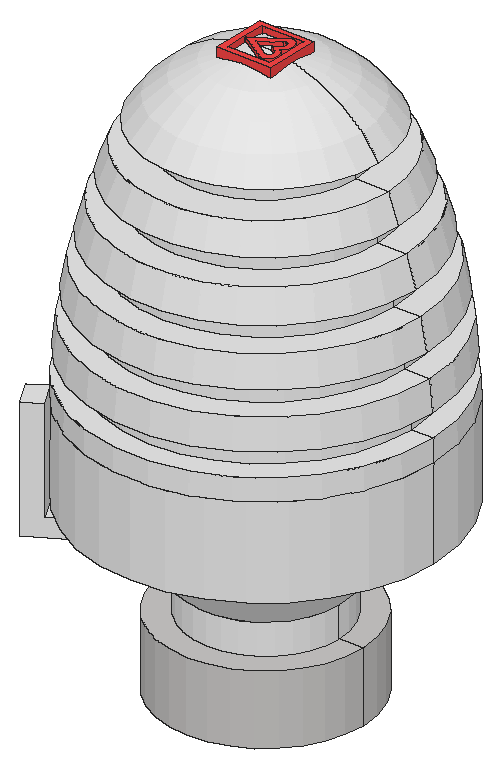
Revit family "Термостатическая головка HERZ-Design, с присоединительной резьбой М 28х1.5, 9230", category Rohrzubehör, Revit 2020
Family settings
  Bemaßung runder Anschluss = Durchmesser verwenden
  Teiletyp = Normal
  OmniClass-Nummer = 23.65.55.14
  OmniClass-Titel = Valves for Liquid Services
  Arbeitsebenenbasiert = Nein
  Immer vertikal = Nein
  Beim Laden mit Abzugskörper schneiden = Nein
  Gemeinsam genutzt = Nein
Parameters
  Принцип действия = "HERZ-термостатическая головка является датчиком прямого регулирования.\r\nИзменение объема жидкости в HERZ-гидросенсоре приводит в движение шток клапана."
  Область применения = "Для монтажа на всех HERZ-клапанах, предназначенных для термостатической работы."
  Номер заказа = 1923006  # constant formula
  Морозозащита = 6 °C  # constant formula
  Маховик = "Пластик, белый"  # constant formula
  Исполнение = "Термостатическая головка с жидкостным датчиком (гидросенсором) с позициями теплового запираниия \"0\" и морозозащиты, с ограничением и блокировкой диапазона регулирования. Цвет маховика - белый."
  Диапазон регулирования с морозозащитой = "6-30°C"  # constant formula
  Диапазон регулирования = "0-30°C"  # constant formula
  Vorgabe-Ansicht = 0.000 mm
  URL = "www.herz-armaturen.ru"
  S02 = 60.000 mm  # constant formula
  S01 = 90.000 mm  # constant formula
  Hersteller = "HERZ Armaturen Ges.m.b.H."  # constant formula
Reference planes
  plane 1 "Mitte (Vorne/hinten)": y = 0
  plane 2: z = 0
  plane 3 "Mitte (Links/rechts)": x = 0
Forms (mm)
  Revolve 1, solid, material "Kunststoff weiß", detail levels fine
    sketch origin (0, 0, 0) x (1, 0, 0) y (0, 0, 1)
      loop
        line (0, 0) -> (0, 90)
        arc (0, 90) -> (-10.767, 87.197) -> (-18.8, 79.5) r 22.08
        arc (-18.8, 79.5) -> (-25.672, 59.356) -> (-28, 38.2) r 97.301
        line (-28, 38.2) -> (-28, 23.2) -> (-23.25, 23.2) -> (-23.25, 20.5) -> (-20.4, 20.5) -> (-20.4, 19.7) -> (-12.2, 11.5) -> (-12.2, 4.8) -> (-13.2, 4.8) -> (-13.2, 0) -> (0, 0)
      axis (0, 90) -> (0, 0)
    angle from 0 to 360
  Extrusion 2, solid, material "Kunststoff weiß", detail levels fine
    sketch origin (0, 0, 0) x (0.866025, 0.5, 0) y (0, 0, 1)
      loop
        line (-28.5, 36.04) -> (-31.75, 36.04) -> (-31.75, 16.2) -> (-20.85, 16.2) -> (-20.85, 20.5) -> (-23.25, 20.5) -> (-23.25, 21.5) -> (-24.578, 19.2) -> (-28.5, 19.2) -> (-28.5, 36.04)
    from 2.5 to -2.5
  Extrusion 3, solid, material "Kunststoff weiß", detail levels fine
    sketch origin (0, 0, 0) x (0, 1, 0) y (0, 0, 1)
      loop
        arc (0.75, 19.2) -> (1.987, 19.713) -> (2.5, 20.95) r 1.75
        line (2.5, 20.95) -> (2.5, 32.2) -> (-2.5, 32.2) -> (-2.5, 20.95)
        arc (-2.5, 20.95) -> (-1.987, 19.713) -> (-0.75, 19.2) r 1.75
        line (-0.75, 19.2) -> (0.75, 19.2)
    from 0 to -31.5
  Revolve 4, solid, material "Messing verzinkt", detail levels fine
    sketch origin (0, 0, 0) x (1, 0, 0) y (0, 0, 1)
      loop
        line (0, 0) -> (0, 6.5) -> (-16.25, 6.5) -> (-16.25, -5) -> (-14, -5) -> (-14, 0) -> (0, 0)
      axis (0, 6.5) -> (0, -5)
    angle from 0 to 360
  Revolve 5, void
    sketch origin (0, 0, 0) x (1, 0, 0) y (0, 0, 1)
      loop
        arc (-18.8, 79.5) -> (-19.64, 77.659) -> (-20.442, 75.8) r 97.301
        line (-20.442, 75.8) -> (-14.951, 75.8) -> (-14.951, 79.5) -> (-18.8, 79.5)
      loop
        line (-27.933, 41.8) -> (-24.226, 41.8) -> (-24.226, 45.5) -> (-27.726, 45.5)
        arc (-27.726, 45.5) -> (-27.847, 43.651) -> (-27.933, 41.8) r 97.301
      loop
        arc (-22.197, 71.3) -> (-22.843, 69.456) -> (-23.452, 67.6) r 97.301
        line (-23.452, 67.6) -> (-18.697, 67.6) -> (-18.697, 71.3) -> (-22.197, 71.3)
      loop
        arc (-24.865, 62.7) -> (-25.326, 60.854) -> (-25.751, 59) r 97.301
        line (-25.751, 59) -> (-21.365, 59) -> (-21.365, 62.7) -> (-24.865, 62.7)
      loop
        arc (-26.692, 54.1) -> (-26.98, 52.253) -> (-27.232, 50.4) r 97.301
        line (-27.232, 50.4) -> (-23.192, 50.4) -> (-23.192, 54.1) -> (-26.692, 54.1)
      axis (0, 79.5) -> (0, 41.8)
    angle from 0 to 360
Cuts and joins
  Revolve 5 cuts Revolve 1
Lines and regions (mm)
  model lines, detail levels coarse+medium
    curve 1: line (0, 0, 0) -> (0, 0, 30)
    curve 2: line (0, 0, 0) -> (30, 0, 0)
    curve 3: circle (0, 0, 60) r 30 normal (0, -1, 0)
    curve 4: circle (0, 0, 60) r 30 normal (1, 0, 0)
    curve 5: line (0, 0, 40) -> (0, 0, 80)
    curve 6: line (0, 17.5, 80) -> (0, -17.5, 80)
    curve 7: line (0, 0, 40) -> (0, 0, 80)
    curve 8: line (-17.5, 0, 80) -> (17.5, 0, 80)
    curve 9: circle (60, 0, 0) r 30 normal (0, 0, 1)
    curve 10: line (40, 0, 0) -> (80, 0, 0)
    curve 11: line (80, 17.5, 0) -> (80, -17.5, 0)
Dimensions and locks
  nested 1 to plane 2 = 89.000 mm
  "S01": curve 4 to plane 2
  "S01": curve 3 to plane 2
  "S01": plane 3 "Mitte (Links/rechts)" to curve 9
  "S02": diameter of curve 3
  "S02": diameter of curve 4
  "S02": diameter of curve 9
  aligned and locked: level to plane 2
Automatic sketch dimensions
  Revolve 1 sketch curve to level = 0.000 mm
  Revolve 1 sketch curve to plane 3 "Mitte (Links/rechts)" = 0.000 mm  (x2)
  Revolve 1 sketch curve to plane 3 "Mitte (Links/rechts)" = 12.200 mm
  Revolve 1 sketch curve to Revolve 1 sketch curve = 1.000 mm
  Revolve 1 sketch curve to Revolve 1 sketch curve = 8.200 mm  (x2)
  Revolve 1 sketch curve to Revolve 1 sketch curve = 2.850 mm
  Revolve 1 sketch curve to Revolve 1 sketch curve = 4.750 mm
  plane 3 "Mitte (Links/rechts)" to Revolve 1 sketch curve = 69.301 mm
  level to Revolve 1 sketch curve = 4.800 mm
  Revolve 1 sketch curve to Revolve 1 sketch curve = 6.700 mm
  Revolve 1 sketch curve to Revolve 1 sketch curve = 0.800 mm
  Revolve 1 sketch curve to Revolve 1 sketch curve = 2.700 mm
  Revolve 1 sketch curve to Revolve 1 sketch curve = 15.000 mm
  Revolve 1 sketch curve to Revolve 1 sketch curve = 29.720 mm
  Revolve 1 sketch curve to Revolve 1 sketch curve = 22.080 mm
  Revolve 1 sketch curve to level = 366.045 mm
  Revolve 1 sketch curve to Revolve 1 sketch curve = 0.000 mm
  level to Extrusion 2 sketch curve = 36.040 mm
  Extrusion 2 sketch curve to Extrusion 2 sketch curve = 3.250 mm
  Extrusion 2 sketch curve to Extrusion 2 sketch curve = 3.922 mm
  level to Extrusion 2 sketch curve = 21.500 mm
  Extrusion 2 sketch curve to Extrusion 2 sketch curve = 1.328 mm
  Extrusion 2 sketch curve to Extrusion 2 sketch curve = 3.728 mm
  Extrusion 2 sketch curve to Extrusion 2 sketch curve = 1.000 mm
  Extrusion 2 sketch curve to Extrusion 2 sketch curve = 1.300 mm
  Extrusion 2 sketch curve to Extrusion 2 sketch curve = 3.000 mm
  plane 1 "Mitte (Vorne/hinten)" to Extrusion 3 sketch curve = 2.500 mm
  plane 1 "Mitte (Vorne/hinten)" to Extrusion 3 sketch curve = 0.750 mm
  Extrusion 3 sketch curve to plane 1 "Mitte (Vorne/hinten)" = 0.750 mm
  Extrusion 3 sketch curve to plane 1 "Mitte (Vorne/hinten)" = 2.500 mm
  level to Extrusion 3 sketch curve = 19.200 mm
  Extrusion 3 sketch curve to Extrusion 3 sketch curve = 11.250 mm
  Revolve 4 sketch curve to level = 0.000 mm
  Revolve 4 sketch curve to plane 3 "Mitte (Links/rechts)" = 0.000 mm  (x2)
  Revolve 4 sketch curve to level = 5.000 mm
  Revolve 4 sketch curve to plane 3 "Mitte (Links/rechts)" = 14.000 mm
  Revolve 4 sketch curve to Revolve 4 sketch curve = 2.250 mm
  level to Revolve 4 sketch curve = 6.500 mm
  Revolve 4 sketch curve to Revolve 4 sketch curve = 361.045 mm
  Revolve 4 sketch curve to Revolve 4 sketch curve = 2207.815 mm
  Revolve 5 sketch curve to Revolve 5 sketch curve = 0.000 mm  (x20)
  Revolve 5 sketch curve to plane 3 "Mitte (Links/rechts)" = 0.000 mm
  Revolve 5 sketch curve to plane 3 "Mitte (Links/rechts)" = 14.951 mm
  Revolve 5 sketch curve to Revolve 5 sketch curve = 3.746 mm
  Revolve 5 sketch curve to Revolve 5 sketch curve = 3.849 mm
  Revolve 5 sketch curve to Revolve 5 sketch curve = 1.642 mm
  Revolve 5 sketch curve to Revolve 5 sketch curve = 2.668 mm
  Revolve 5 sketch curve to Revolve 5 sketch curve = 3.500 mm  (x4)
  Revolve 5 sketch curve to Revolve 5 sketch curve = 1.827 mm
  Revolve 5 sketch curve to Revolve 5 sketch curve = 1.255 mm
  Revolve 5 sketch curve to Revolve 5 sketch curve = 1.034 mm
  Revolve 5 sketch curve to Revolve 5 sketch curve = 0.886 mm
  Revolve 5 sketch curve to Revolve 5 sketch curve = 0.540 mm
  Revolve 5 sketch curve to Revolve 5 sketch curve = 0.208 mm
  level to Revolve 5 sketch curve = 38.200 mm
  plane 3 "Mitte (Links/rechts)" to Revolve 5 sketch curve = 69.301 mm
  level to Revolve 5 sketch curve = 41.800 mm
  Revolve 5 sketch curve to Revolve 5 sketch curve = 4.900 mm  (x3)
  Revolve 5 sketch curve to Revolve 5 sketch curve = 4.500 mm
  Revolve 5 sketch curve to level = 366.045 mm
  Revolve 5 sketch curve to Revolve 5 sketch curve = 2134.815 mm
  curve 5 to plane 1 "Mitte (Vorne/hinten)" = 0.000 mm
  curve 4 to plane 1 "Mitte (Vorne/hinten)" = 0.000 mm
  plane 1 "Mitte (Vorne/hinten)" to curve 6 = 17.500 mm
  curve 5 to curve 6 = 17.500 mm
  curve 5 to curve 4 = 20.000 mm
  curve 4 to curve 6 = 20.000 mm
  curve 3 to plane 3 "Mitte (Links/rechts)" = 0.000 mm
  curve 7 to plane 3 "Mitte (Links/rechts)" = 0.000 mm
  curve 1 to plane 3 "Mitte (Links/rechts)" = 0.000 mm
  curve 1 to level = 0.000 mm
  curve 8 to curve 7 = 17.500 mm
  plane 3 "Mitte (Links/rechts)" to curve 8 = 17.500 mm
  curve 1 to curve 7 = 10.000 mm
  curve 3 to curve 8 = 20.000 mm
  plane 1 "Mitte (Vorne/hinten)" to curve 2 = 0.000 mm
  curve 2 to plane 3 "Mitte (Links/rechts)" = 0.000 mm
  plane 1 "Mitte (Vorne/hinten)" to curve 10 = 0.000 mm
  plane 1 "Mitte (Vorne/hinten)" to curve 9 = 0.000 mm
  curve 2 to curve 10 = 10.000 mm
  curve 9 to curve 11 = 20.000 mm
  curve 11 to curve 10 = 17.500 mm
  curve 11 to plane 1 "Mitte (Vorne/hinten)" = 17.500 mm
Nested families
  nested 1: "Herz-Logo" at (0, 0, 89) x (0, -1, 0) z (0, 0, 1), type "Herz-Logo", detail levels fine
Definition of nested family "Herz-Logo"
  Parameters (values of type "Herz-Logo")
    Default Elevation = 0.000 mm
  Reference planes
    plane 1 "Mitte (Vorne/hinten)": y = 0
    plane 2: z = 0
    plane 3 "Mitte (Links/rechts)": x = 0
  Forms (mm)
    Extrusion 1, solid
      sketch origin (0, 0, 0) x (1, 0, 0) y (0, 1, 0)
        loop
          line (-0.018, -4.517) -> (4.482, -4.517) -> (4.482, 4.483) -> (-4.518, 4.483) -> (-4.518, -4.517) -> (-0.018, -4.517)
        loop
          line (-0.05, -3.48) -> (3.482, -3.48) -> (3.482, 3.483) -> (-3.518, 3.483) -> (-3.518, -3.48) -> (-0.05, -3.48)
        loop
          arc (-0.018, 2.383) -> (-1.543, 3.287) -> (-3.067, 2.383) r 1.738
          arc (-3.067, 2.383) -> (-3.191, 1.899) -> (-3.067, 1.415) r 1.009
          line (-3.067, 1.415) -> (-0.018, -3.281) -> (3.032, 1.415)
          arc (3.032, 1.415) -> (3.156, 1.899) -> (3.032, 2.383) r 1.009
          arc (3.032, 2.383) -> (1.507, 3.287) -> (-0.018, 2.383) r 1.738
        loop
          arc (1.885, 1.272) -> (2.005, 1.675) -> (1.885, 2.079) r 0.74
          arc (1.885, 2.079) -> (1.265, 2.416) -> (0.644, 2.079) r 0.74
          line (0.644, 2.079) -> (-0.018, 0.97) -> (-0.679, 2.079)
          arc (-0.679, 2.079) -> (-1.3, 2.416) -> (-1.921, 2.079) r 0.74
          arc (-1.921, 2.079) -> (-2.04, 1.675) -> (-1.921, 1.272) r 0.74
          line (-1.921, 1.272) -> (-0.018, -1.658) -> (1.885, 1.272)
      from 0 to 1.5
  Dimensions and locks
    aligned and locked: level to plane 2
